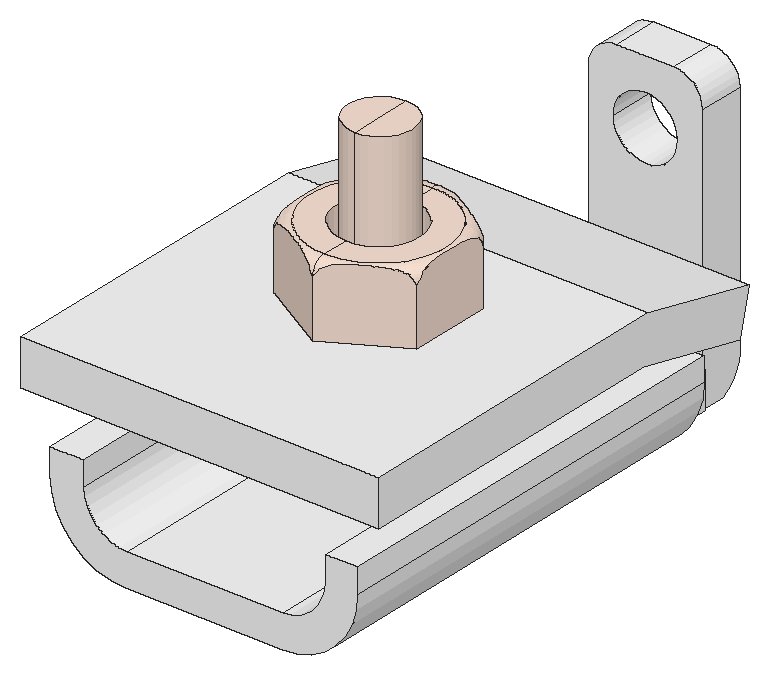
Revit family "RP-Sクリップ", category 機械設備, Revit 2020
Family settings
  丸型コネクタ寸法 = 直径を使用
  種別 = なし
  パーツ タイプ = 標準
  作業面ベース = いいえ
  常に垂直 = はい
  ロード時にボイドで切り取り = いいえ
  共有 = いいえ
  部屋計算ポイント = いいえ
Parameters
  製造元 = "株式会社桐井製作所"
  既定の高さ = 0 mm
  URL = "https://www.kirii.co.jp/"
  K_品名 = "RP-Sクリップ"
  K_名称 = "耐震クリップ"
  K_入数 = "200"
  K_バージョン情報 = "20210714"
Reference planes
  plane 1 "中心(正面/背面)": y = 0
  plane 2: z = 0
  plane 3 "中心(左/右)": x = 0
  plane 4: z = 16
Forms (mm)
  Extrusion 1, solid
    sketch origin (-14.14, -263.489, -176.549) x (0, -1, 0) y (0, 0, -1)
      loop
        line (-251.458, -194.886) -> (-259.862, -192.885) -> (-260.603, -195.998) -> (-251.833, -198.086) -> (-228.395, -198.086) -> (-228.395, -194.886) -> (-251.458, -194.886)
    from 0 to 25.063
  Extrusion 2, void
    sketch origin (-242.787, -42.13, 18.445) x (1, 0, 0) y (0, 1, 0)
      loop
        circle (241.419, 22.389) r 3.25
    from 0 to 3.802
  Extrusion 3, solid
    sketch origin (-70.79, 0, -44.084) x (1, 0, 0) y (0, 0, 1)
      loop
        line (60.868, 59.283) -> (58.491, 59.282) -> (58.491, 57.58)
        arc (58.491, 57.58) -> (60.044, 53.833) -> (63.791, 52.28) r 5.3
        line (63.791, 52.28) -> (74.696, 52.281)
        arc (74.696, 52.281) -> (78.444, 53.833) -> (79.996, 57.581) r 5.3
        line (79.996, 57.581) -> (79.996, 59.284) -> (77.696, 59.283) -> (77.696, 57.581)
        arc (77.696, 57.581) -> (76.817, 55.46) -> (74.696, 54.581) r 3
        line (74.696, 54.581) -> (63.868, 54.58)
        arc (63.868, 54.58) -> (61.747, 55.459) -> (60.868, 57.58) r 3
        line (60.868, 57.58) -> (60.868, 59.283)
    from 0 to 34.781
  Extrusion 4, void
    sketch origin (-69.219, 0, 7.935) x (1, 0, 0) y (0, 1, 0)
      loop
        line (80.213, 2.719) -> (74.815, 2.719) -> (74.815, -4.6) -> (80.213, -4.6) -> (80.213, 2.719)
    from 0 to 8
  Extrusion 5, solid
    sketch origin (-70.117, 3.2, -44.085) x (1, 0, 0) y (0, 0, 1)
      loop
        line (67.568, 52.281) -> (74.01, 52.281)
        arc (74.01, 52.281) -> (74.792, 52.339) -> (75.557, 52.512) r 5.3
        line (75.557, 52.512) -> (75.557, 71.281)
        arc (75.557, 71.281) -> (74.971, 72.695) -> (73.567, 73.281) r 2
        line (73.567, 73.281) -> (69.567, 73.281)
        arc (69.567, 73.281) -> (68.153, 72.695) -> (67.567, 71.28) r 2
        line (67.567, 71.28) -> (67.568, 52.281)
      loop
        circle (71.567, 68.781) r 2.25
    from 0 to 3.2
  Extrusion 6, void
    sketch origin (-2.28, -0.82, -44.787) x (0, 1, 0) y (0, 0, 1)
      loop
        arc (4.02, 55.401) -> (2.975, 53.458) -> (0.82, 52.983) r 2.646
        line (0.82, 52.983) -> (0.82, 52.186) -> (4.02, 52.186) -> (4.02, 55.401)
    from -3.601 to 8.033
  Extrusion 7, void
    sketch origin (-1.656, 1.241, 8.259) x (1, 0, 0) y (0, 1, 0)
      loop
        line (-3.001, -17.621) -> (-3.001, -24.621) -> (3.999, -24.621) -> (3.999, -17.621) -> (-3.001, -17.621)
    from 0 to 8
Cuts and joins
  Extrusion 2 cuts Extrusion 1
  Extrusion 4, Extrusion 7 cuts Extrusion 3
  Extrusion 6 cuts Extrusion 5
Dimensions and locks
  aligned and locked: level to plane 2
Nested families
  nested 1: "ナット" at (-1.42, -19.725, 21.536) x (0, 1, 0) z (0, 0, 1), type "ナット"
  nested 2: "根角ボルト" at (-1.196, -19.855, 8.165), type "根角ボルト"
Definition of nested family "ナット"
  Parameters (values of type "ナット")
    Default Elevation = 1219.2 mm
  Reference planes
    plane 1 "中心(正面/背面)": y = 0
    plane 2: z = 0
    plane 3 "中心(左/右)": x = 0
  Forms (mm)
    Extrusion 1, solid
      sketch origin (0, 0, 0) x (1, 0, 0) y (0, 1, 0)
        loop
          line (-55, 45) -> (-55, -45.273) -> (55.986, -45.273) -> (55.986, 45) -> (-55, 45)
      from 0 to -304.8
    Revolve 2, solid
      sketch origin (0, 0, 2.36) x (1, 0, 0) y (0, 0, 1)
        loop
          arc (5.774, 1.64) -> (5.471, 2.356) -> (4.748, 2.639) r 1
          line (4.748, 2.639) -> (2.887, 2.639) -> (2.887, -2.36) -> (5.774, -2.36) -> (5.774, 1.64)
        axis (0, 2.639) -> (0, -2.36)
      angle from 0 to 360
    Extrusion 3, void
      sketch origin (0, 0, 2.36) x (0, -1, 0) y (1, 0, 0)
        loop
          line (5, 2.887) -> (5, -2.887) -> (10.229, -2.887) -> (10.229, 2.887) -> (5, 2.887)
      from -3.143 to 6
    Extrusion 4, void
      sketch origin (0, 0, 2.36) x (0.866025, -0.5, 0) y (0.5, 0.866025, 0)
        loop
          line (5, 2.887) -> (5, -2.887) -> (10.229, -2.887) -> (10.229, 2.887) -> (5, 2.887)
      from -2.36 to 6
    Extrusion 5, void
      sketch origin (0, 0, 2.36) x (-0.866025, -0.5, 0) y (0.5, -0.866025, 0)
        loop
          line (5, 2.887) -> (5, -2.887) -> (10.229, -2.887) -> (10.229, 2.887) -> (5, 2.887)
      from -3.143 to 6
    Extrusion 6, void
      sketch origin (0, 0, 2.36) x (0, -1, 0) y (1, 0, 0)
        loop
          line (-5, 2.887) -> (-10.229, 2.887) -> (-10.229, -2.887) -> (-5, -2.887) -> (-5, 2.887)
      from -3.143 to 6
    Extrusion 7, void
      sketch origin (0, 0, 2.36) x (-0.866025, -0.5, 0) y (0.5, -0.866025, 0)
        loop
          line (-5, 2.887) -> (-10.229, 2.887) -> (-10.229, -2.887) -> (-5, -2.887) -> (-5, 2.887)
      from -2.36 to 6
    Extrusion 8, void
      sketch origin (0, 0, 2.36) x (0.866025, -0.5, 0) y (0.5, 0.866025, 0)
        loop
          line (-5, 2.887) -> (-10.229, 2.887) -> (-10.229, -2.887) -> (-5, -2.887) -> (-5, 2.887)
      from -3.143 to 6
  Cuts and joins
    Extrusion 3, Extrusion 4, Extrusion 5, Extrusion 6, Extrusion 7, Extrusion 8 cuts Revolve 2
  Dimensions and locks
    aligned and locked: plane 2 to Extrusion 1
    aligned and locked: level to Extrusion 1
Definition of nested family "根角ボルト"
  Parameters (values of type "根角ボルト")
    Manufacturer = "株式会社桐井製作所"
    Default Elevation = 0 mm
    URL = "https://www.kirii.co.jp/"
    K_品名 = "根角ボルトM6×25"
    K_名称 = "ボルト"
  Reference planes
    plane 1 "中心(正面/背面)": y = 0
    plane 2: z = 0
    plane 3 "中心(左/右)": x = 0
    plane 4: x = 10
    plane 5: x = -10
  Forms (mm)
    Revolve 1, solid
      sketch origin (0, 0, 0) x (0, 1, 0) y (0, 0, 1)
        loop
          line (0, 0) -> (0, -1.652)
          arc (0, -1.652) -> (3.596, -1.234) -> (7, 0) r 15.652
          line (7, 0) -> (0, 0)
        axis (0, -1.652) -> (0, 0)
      angle from 0 to 360
    Revolve 2, solid
      sketch origin (0, 0, 0) x (0, 1, 0) y (0, 0, 1)
        loop
          line (2.25, 3) -> (2.25, 25) -> (0, 25) -> (0, 3) -> (0, 0) -> (3.15, 0) -> (3.15, 3) -> (2.25, 3)
        axis (0, 0) -> (0, 25)
      angle from 0 to 360
  Cuts and joins
    joined: Revolve 1, Revolve 2
  Dimensions and locks
    aligned and locked: level to plane 2
